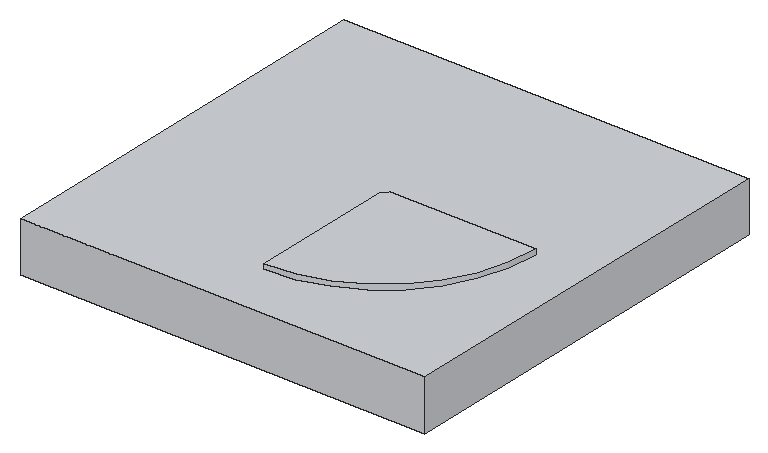
Revit family
Parameters
  Width = 2' - 10 1/2"
  URL = "www.coldspringgranite.com"
  TypicalJointSize = 0' - 0 1/4"
  StoneOutsideRight = sqrt(OutsideRadius ^ 2 - RightJoint ^ 2)  # 2' - 11.99978"
  StoneOutsideLeft = sqrt(OutsideRadius ^ 2 - LeftJoint ^ 2)  # 2' - 11.99978"
  StoneMaterial = none
  StoneInsideRight = sqrt(InsideRadius ^ 2 - RightJoint ^ 2)  # 0' - 1.49478"
  StoneInsideLeft = sqrt(InsideRadius ^ 2 - LeftJoint ^ 2)  # 0' - 1.49478"
  SettingSpace = Height + SettingBed  # 0' - 2"
  SettingBed = 0' - 0 13/16"
  RightJointOff = no
  RightJoint = if(RightJointOff, 0' 0", TypicalJointSize / 2)  # 0' - 0 1/8"
  Product Name = "Paving Stone Panels with Radius on Two Sides at 90 Degrees"
  Product Documentation Link = "http://www.coldspringgranite.com/BIM_Families/Family_Detail/Paving_Stone_Panels_with_Radius_on_two_Sides_at_90_Degrees/"
  PhoneNumber = "800-551-7502"
  OutsideRadius = 3' - 0"
  Notes = ""
  Model = "N/A"
  Manufacturer = "Cold Spring Granite Company"
  Low Emitting Material = yes
  Low Emitting Finish = yes
  Location = "17482 Granite West Road, Cold Spring, MN  56320-4578"
  Length = 2 * OutsideRadius * sin(45.00°)  # 4' - 2.91169"
  LeftJointOff = no
  LeftJoint = if(LeftJointOff, 0' 0", TypicalJointSize / 2)  # 0' - 0 1/8"
  LEED Credit = ""
  Keynote = "096340"
  InsideRadius = OutsideRadius - Width  # 0' - 1 1/2"
  Height = 0' - 1 3/16"
  Description = "Stone Floor Paving - Radius Two Sides - 90 Degrees"
  Default Elevation = 0' - 0"
  Assembly Code = "C3020400"
  ADA Compliant = yes
Reference planes (in)
  plane 1 "Center (Front/Back)": y = 0
  plane 2: z = 0
  plane 3 "Center (Left/Right)": x = 0
  plane 4 "StoneRightJoint": y = -0.125
  plane 5 "StoneLeftJoint": x = 0.125
  plane 6 "LeftOutside": y = -36
  plane 7 "RightOutside": x = 36
  plane 8 "LeftInside": y = -1.5
  plane 9 "RightInside": x = 1.5
  plane 10 "StoneLeftOutside": y = -35.99978
  plane 11 "StoneLeftInside": y = -1.49478
  plane 12 "StoneRightOutside": x = 35.99978
  plane 13 "StoneRightInside": x = 1.49478
  plane 14 "StoneBottom": z = 0.8125
  plane 15 "StoneTop": z = 2
Forms (in)
  Extrusion 1, solid
    sketch origin (0, 0, 0) x (1, 0, 0) y (0, 1, 0)
      loop
        line (-48, 48) -> (-48, -48) -> (48, -48) -> (48, 48) -> (-48, 48)
    from 0 to -12
  Extrusion 2, solid, material <- "StoneMaterial", detail levels coarse
    sketch origin (0, 0, 0) x (1, 0, 0) y (0, 1, 0)
      loop
        arc (0, -36) -> (25.45584, -25.45584) -> (36, 0) r 36
        line (36, 0) -> (1.5, 0)
        arc (1.5, 0) -> (1.06066, -1.06066) -> (0, -1.5) r 1.5
        line (0, -1.5) -> (0, -36)
    from 0.8125 to 2
  Extrusion 3, solid, material <- "StoneMaterial", detail levels medium+fine
    sketch origin (0, 0, 0) x (1, 0, 0) y (0, 1, 0)
      loop
        arc (0.125, -35.99978) -> (25.45584, -25.45584) -> (35.99978, -0.125) r 36
        line (35.99978, -0.125) -> (1.49478, -0.125)
        arc (1.49478, -0.125) -> (1.06066, -1.06066) -> (0.125, -1.49478) r 1.5
        line (0.125, -1.49478) -> (0.125, -35.99978)
    from 0.8125 to 2
Lines and regions (in)
  Masking region 1, detail levels coarse
    outline origin (0, 0, 0) x (1, 0, 0) y (0, 1, 0)
      loop
        arc (0, -36) -> (25.45584, -25.45584) -> (36, 0) r 36
        line (36, 0) -> (1.5, 0)
        arc (1.5, 0) -> (1.06066, -1.06066) -> (0, -1.5) r 1.5
        line (0, -1.5) -> (0, -36)
  Masking region 2, detail levels medium+fine
    outline origin (0, 0, 0) x (1, 0, 0) y (0, 1, 0)
      loop
        arc (0.125, -35.99978) -> (25.45584, -25.45584) -> (35.99978, -0.125) r 36
        line (35.99978, -0.125) -> (1.49478, -0.125)
        arc (1.49478, -0.125) -> (1.06066, -1.06066) -> (0.125, -1.49478) r 1.5
        line (0.125, -1.49478) -> (0.125, -35.99978)
  Masking region 3, detail levels coarse
    outline origin (0, -36, 0) x (-1, 0, 0) y (0, 0, 1)
      loop
        line (0, 0.8125) -> (0, 2) -> (-36, 2) -> (-36, 0.8125) -> (0, 0.8125)
  Masking region 4, detail levels medium
    outline origin (0, -36, 0) x (-1, 0, 0) y (0, 0, 1)
      loop
        line (-0.125, 0.8125) -> (-0.125, 2) -> (-35.99978, 2) -> (-35.99978, 0.8125) -> (-0.125, 0.8125)
  Masking region 5, detail levels fine
    outline origin (0, 0, 0) x (1, 0, 0) y (0, 0, 1)
      loop
        line (1.49478, 2) -> (1.49478, 0.8125) -> (35.99978, 0.8125) -> (35.99978, 2) -> (1.49478, 2)
  Masking region 6, detail levels coarse
    outline origin (36, 0, 0) x (0, 1, 0) y (0, 0, 1)
      loop
        line (0, 0.8125) -> (0, 2) -> (-36, 2) -> (-36, 0.8125) -> (0, 0.8125)
  Masking region 7, detail levels medium
    outline origin (36, 0, 0) x (0, 1, 0) y (0, 0, 1)
      loop
        line (-0.125, 0.8125) -> (-0.125, 2) -> (-35.99978, 2) -> (-35.99978, 0.8125) -> (-0.125, 0.8125)
  Masking region 8, detail levels fine
    outline origin (0, 0, 0) x (0, 1, 0) y (0, 0, 1)
      loop
        line (-1.49478, 2) -> (-35.99978, 2) -> (-35.99978, 0.8125) -> (-1.49478, 0.8125) -> (-1.49478, 2)
  symbolic lines, detail levels coarse
    curve 1: line (1.5, 0, 2) -> (1.5, 0, 0.8125)
    curve 3: line (0, -1.5, 2) -> (0, -1.5, 0.8125)
  symbolic lines, detail levels medium
    curve 2: line (1.49478, 0, 0.8125) -> (1.49478, 0, 2)
    curve 4: line (0, -1.49478, 2) -> (0, -1.49478, 0.8125)
Dimensions and locks (in)
  "OutsideRadius": plane 6 "LeftOutside" to plane 1 "Center (Front/Back)"
  "InsideRadius": plane 8 "LeftInside" to plane 1 "Center (Front/Back)"
  "StoneOutsideLeft": plane 10 "StoneLeftOutside" to plane 1 "Center (Front/Back)"
  "StoneInsideLeft": plane 11 "StoneLeftInside" to plane 1 "Center (Front/Back)"
  "RightJoint": plane 4 "StoneRightJoint" to plane 1 "Center (Front/Back)"
  "OutsideRadius": plane 3 "Center (Left/Right)" to plane 7 "RightOutside"
  "StoneOutsideRight": plane 3 "Center (Left/Right)" to plane 12 "StoneRightOutside"
  "InsideRadius": plane 3 "Center (Left/Right)" to plane 9 "RightInside"
  "StoneInsideRight": plane 3 "Center (Left/Right)" to plane 13 "StoneRightInside"
  "LeftJoint": plane 3 "Center (Left/Right)" to plane 5 "StoneLeftJoint"
  "SettingSpace": plane 15 "StoneTop" to plane 2
  "Height": plane 15 "StoneTop" to plane 14 "StoneBottom"
  "InsideRadius": radius of Extrusion 2 sketch curve
  "OutsideRadius": radius of Extrusion 2 sketch curve
  "InsideRadius": radius of Extrusion 3 sketch curve
  "OutsideRadius": radius of Extrusion 3 sketch curve
  "InsideRadius": radius of Masking region 1 sketch curve
  "OutsideRadius": radius of Masking region 1 sketch curve
  "InsideRadius": radius of Masking region 2 sketch curve
  "OutsideRadius": radius of Masking region 2 sketch curve
  aligned and locked: plane 2 to Extrusion 1
  aligned and locked: level to Extrusion 1
  aligned and locked: plane 6 "LeftOutside" to Extrusion 2 sketch curve
  aligned and locked: plane 8 "LeftInside" to Extrusion 2 sketch curve
  aligned and locked: plane 3 "Center (Left/Right)" to Extrusion 2 sketch curve  (x2)
  aligned and locked: plane 1 "Center (Front/Back)" to Extrusion 2 sketch curve  (x2)
  aligned and locked: plane 9 "RightInside" to Extrusion 2 sketch curve
  aligned and locked: plane 7 "RightOutside" to Extrusion 2 sketch curve
  aligned: Extrusion 2 to plane 2
  aligned and locked: plane 15 "StoneTop" to Extrusion 2
  aligned and locked: plane 10 "StoneLeftOutside" to Extrusion 3 sketch curve
  aligned and locked: plane 11 "StoneLeftInside" to Extrusion 3 sketch curve
  aligned and locked: plane 13 "StoneRightInside" to Extrusion 3 sketch curve
  aligned and locked: plane 12 "StoneRightOutside" to Extrusion 3 sketch curve
  aligned and locked: Extrusion 3 sketch curve to plane 5 "StoneLeftJoint"
  aligned and locked: Extrusion 3 sketch curve to plane 4 "StoneRightJoint"
  aligned and locked: Extrusion 3 to plane 14 "StoneBottom"
  aligned and locked: plane 3 "Center (Left/Right)" to Masking region 1 sketch curve  (x2)
  aligned and locked: plane 6 "LeftOutside" to Masking region 1 sketch curve
  aligned and locked: plane 8 "LeftInside" to Masking region 1 sketch curve
  aligned and locked: plane 1 "Center (Front/Back)" to Masking region 1 sketch curve
  aligned and locked: plane 9 "RightInside" to Masking region 1 sketch curve
  aligned and locked: plane 7 "RightOutside" to Masking region 1 sketch curve
  aligned and locked: Masking region 1 sketch curve to plane 1 "Center (Front/Back)"
  aligned and locked: plane 11 "StoneLeftInside" to Masking region 2 sketch curve
  aligned and locked: plane 10 "StoneLeftOutside" to Masking region 2 sketch curve
  aligned and locked: plane 13 "StoneRightInside" to Masking region 2 sketch curve
  aligned and locked: plane 12 "StoneRightOutside" to Masking region 2 sketch curve
  aligned and locked: Masking region 2 sketch curve to plane 5 "StoneLeftJoint"
  aligned and locked: Masking region 2 sketch curve to plane 4 "StoneRightJoint"
  aligned and locked: Masking region 3 sketch curve to plane 15 "StoneTop"
  aligned and locked: Masking region 3 sketch curve to plane 3 "Center (Left/Right)"
  aligned and locked: Masking region 3 sketch curve to plane 7 "RightOutside"
  aligned and locked: plane 15 "StoneTop" to curve 1
  aligned and locked: curve 1 to plane 9 "RightInside"
  aligned and locked: Masking region 4 sketch curve to plane 14 "StoneBottom"
  aligned and locked: Masking region 4 sketch curve to plane 5 "StoneLeftJoint"
  aligned and locked: Masking region 4 sketch curve to plane 12 "StoneRightOutside"
  aligned and locked: plane 14 "StoneBottom" to curve 2
  aligned and locked: plane 13 "StoneRightInside" to curve 2
  aligned and locked: Masking region 5 sketch curve to plane 14 "StoneBottom"
  aligned and locked: Masking region 5 sketch curve to plane 12 "StoneRightOutside"
  aligned and locked: Masking region 5 sketch curve to plane 13 "StoneRightInside"
  aligned and locked: plane 15 "StoneTop" to Masking region 6 sketch curve
  aligned and locked: plane 6 "LeftOutside" to Masking region 6 sketch curve
  aligned and locked: plane 1 "Center (Front/Back)" to Masking region 6 sketch curve
  aligned and locked: plane 15 "StoneTop" to curve 3
  aligned and locked: plane 8 "LeftInside" to curve 3
  aligned and locked: plane 14 "StoneBottom" to Masking region 7 sketch curve
  aligned and locked: plane 4 "StoneRightJoint" to Masking region 7 sketch curve
  aligned and locked: plane 10 "StoneLeftOutside" to Masking region 7 sketch curve
  aligned and locked: plane 14 "StoneBottom" to curve 4
  aligned and locked: plane 11 "StoneLeftInside" to curve 4
  aligned and locked: plane 14 "StoneBottom" to Masking region 8 sketch curve
  aligned and locked: plane 10 "StoneLeftOutside" to Masking region 8 sketch curve
  aligned and locked: plane 11 "StoneLeftInside" to Masking region 8 sketch curve
  aligned and locked: Masking region 4 sketch curve to plane 15 "StoneTop"
  aligned and locked: Masking region 5 sketch curve to plane 15 "StoneTop"
  aligned and locked: plane 15 "StoneTop" to Extrusion 3
  aligned and locked: Extrusion 2 to plane 14 "StoneBottom"
  aligned and locked: Masking region 3 sketch curve to plane 14 "StoneBottom"
  aligned and locked: plane 15 "StoneTop" to curve 2
  aligned and locked: plane 14 "StoneBottom" to curve 1
  aligned and locked: Masking region 8 sketch curve to plane 15 "StoneTop"
  aligned and locked: Masking region 7 sketch curve to plane 15 "StoneTop"
  aligned and locked: Masking region 6 sketch curve to plane 14 "StoneBottom"
  aligned and locked: plane 15 "StoneTop" to curve 4
  aligned and locked: plane 14 "StoneBottom" to curve 3
Automatic sketch dimensions
  Extrusion 1 sketch curve to Extrusion 1 sketch curve = 8' - 0"  (x2)
Nested families (in)
  nested 1: "CopyRight" at (0, 0, 0), type "CopyRight"
Definition of nested family "CopyRight"
  Parameters (values of type "CopyRight")
    CopyRight = "Cold Spring Granite Company"
  Reference planes (in)
    plane 1: z = 0
